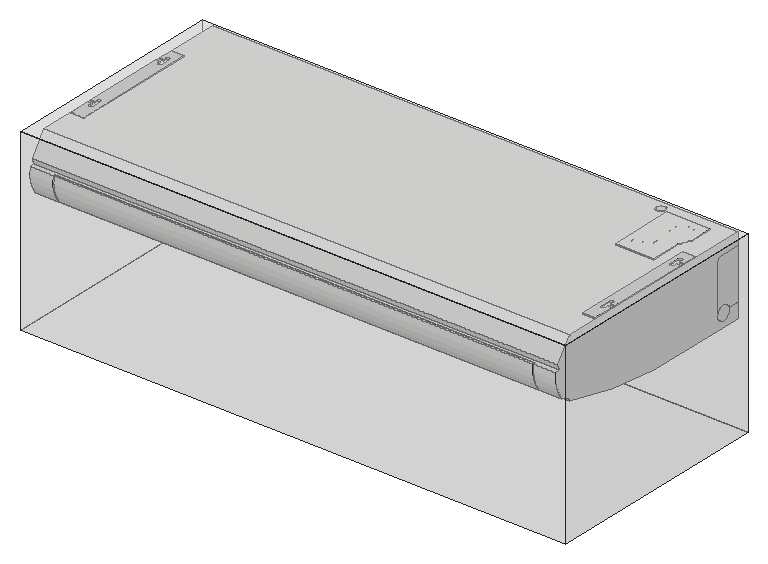
Revit family "outputfile", category 機械設備, Revit 2024
Family settings
  丸型コネクタ寸法 = 半径を使用
  パーツ タイプ = 標準
  OmniClass 番号 = 23.75.10.24.21.27.27
  OmniClass タイトル = Split System Air Conditioning Units
  作業面ベース = いいえ
  常に垂直 = はい
  ロード時にボイドで切り取り = いいえ
  注釈の向きを維持 = いいえ
  共有 = いいえ
  部屋計算ポイント = はい
Parameters (values of type "FHA48CV2S")
  Description = ""
  製造元 = "Daikin"
  書き出し IFC クラス(タイプ) = "IfcUnitaryEquipmentType"
  定義済み IFC タイプ(タイプ) = "AIRCONDITIONINGUNIT"
  Cost = 0
  モデル = "FHA48CV2S"
  Type Comments = ""
  Keynote = ""
  Type Image = (empty or 0)
  Assembly Code = ""
  switch_frequency = yes
  r_Liquid Pipe Size = Liquid Pipe Size / 2  # 4.75 mm
  r_Gas Pipe Size = Gas Pipe Size / 2  # 7.95 mm
  r_Drain Pipe Size = Drain Pipe Size / 2  # 12.5 mm
  l_powersupply [instance] = if(Rear Right Connection_powersupply, 29.0 mm, 175.0 mm)  # 29.0 mm
  h_mountinghole = 2.0 mm  # constant formula
  connector_voltage = Voltage_50Hz  # 220 V
  connector_powerinput = [Power Input (Cooling)]  # 0.000 kW
  connector_phase = Phase_50Hz  # 1
  angle_vertical_powersupply [instance] = if(Rear Right Connection_powersupply, 90.00°, 180.00°)  # 90.00°
  angle_vertical_drainpipe [instance] = if(or(Left Connection_drainpipe, Right Connection_drainpipe), 90.00°, if(Top Connection_drainpipe, 180.00°, -90.00°))  # -90.00°
  angle_horizontal_powersupply [instance] = if(Rear Right Connection_powersupply, 180.00°, 0.00°)  # 180.00°
  angle_horizontal_drainpipe [instance] = if(Right Connection_drainpipe, 90.00°, if(Left Connection_drainpipe, -90.00°, 0.00°))  # 0.00°
  Voltage_comment_50Hz = "220 - 240"
  Voltage_50Hz = 220 V
  URL = ""
  Top Connection_refrigerant [instance] = no
  Top Connection_powersupply [instance] = not(Rear Right Connection_powersupply)  # no
  Right Connection_refrigerant [instance] = no
  Rear Right Connection_refrigerant [instance] = yes
  Phase_50Hz = 1
  Minimum Circuit Amps_50Hz = 0.0 A
  Maximum Fuse Amps_50Hz = 0.0 A
  Material_Casing = DAIKIN_White_Casing_indoorunit
  lw_powersupply [instance] = if(Rear Right Connection_powersupply, 220.0 mm, 210.0 mm)  # 220.0 mm
  lw_mountinghole_pitch = Width - 40.0 mm  # 1550.0 mm
  lw_mountinghole = 20.0 mm  # constant formula
  lw_liquidpipe [instance] = if(Right Connection_refrigerant, 156.0 mm, if(Top Connection_refrigerant, 156.0 mm, 136.0 mm))  # 136.0 mm
  lw_gaspipe = 105.0 mm  # constant formula
  lw_drainpipe [instance] = if(Top Connection_drainpipe, 102.0 mm, if(Width = 960.0 mm, if(or(Left Connection_drainpipe, Rear Left Connection_drainpipe), 884.0 mm, 83.0 mm), if(Width = 1270.0 mm, if(or(Left Connection_drainpipe, Rear Left Connection_drainpipe), 1194.0 mm, 83.0 mm), if(Width = 1590.0 mm, if(or(Left Connection_drainpipe, Rear Left Connection_drainpipe), 1514.0 mm, 83.0 mm), 83.0 mm))))  # 83.0 mm
  lh_powersupply = 175.0 mm  # constant formula
  lh_liquidpipe [instance] = if(Rear Right Connection_refrigerant, 160.0 mm, 131.0 mm)  # 160.0 mm
  lh_gaspipe [instance] = if(Rear Right Connection_refrigerant, 150.0 mm, 91.0 mm)  # 150.0 mm
  lh_drainpipe = 197.0 mm  # constant formula
  l_antena = 1.0 mm  # constant formula
  ld_powersupply = 30.0 mm  # constant formula
  ld_mountinghole_pitch = 260.0 mm  # constant formula
  ld_mountinghole = 210.0 mm  # constant formula
  ld_liquidpipe [instance] = if(Right Connection_refrigerant, 57.0 mm, if(Top Connection_refrigerant, 189.0 mm, 221.0 mm))  # 221.0 mm
  ld_gaspipe [instance] = if(Right Connection_refrigerant, 57.0 mm, if(Top Connection_refrigerant, 163.0 mm, 214.0 mm))  # 214.0 mm
  ld_drainpipe [instance] = if(or(Left Connection_drainpipe, Right Connection_drainpipe), 57.0 mm, if(Top Connection_drainpipe, 87.0 mm, 268.0 mm))  # 268.0 mm
  l_liquidpipe_length [instance] = if(Right Connection_refrigerant, 156.0 mm, if(Top Connection_refrigerant, 131.0 mm, 220.0 mm))  # 220.0 mm
  l_gaspipe_length [instance] = if(Right Connection_refrigerant, 105.0 mm, if(Top Connection_refrigerant, 91.0 mm, 213.0 mm))  # 213.0 mm
  l_drainpipe_length [instance] = if(Right Connection_drainpipe, 83.0 mm, if(Top Connection_drainpipe, 197.0 mm, if(Left Connection_drainpipe, 76.0 mm, 267.0 mm)))  # 267.0 mm
  h*** = 0.0 mm  # constant formula
  angle_vertical [instance] = if(Right Connection_refrigerant, 90.00°, if(Top Connection_refrigerant, 180.00°, -90.00°))  # -90.00°
  angle_horizontal [instance] = if(Right Connection_refrigerant, 90.00°, 0.00°)  # 0.00°
  Width = 1590.0 mm
  Version = "ver.1.0"
  Unit Type = "Ceiling"
  Unit Mass Weight = 38.00 kg
  Unit Designation [instance] = ""
  Uniclass2015Version = "Products v1.30"
  Uniclass2015Title = "Split coil room air conditioning units"
  Uniclass2015Code = "Pr_70_65_03_86"
  Total Cooling Capacity [instance] = 0.000 kW
  Top Connection_drainpipe [instance] = no
  Sound Pressure Level_M speed (dBA) = 42
  Sound Pressure Level_L speed (dBA) = 38
  Sound Pressure Level_H speed (dBA) = 46
  Series = "SkyAir_Fan Coil Unit"
  Sensible Cooling Capacity [instance] = 0.000 kW
  Rear Right Connection_drainpipe [instance] = yes
  Rear Right Connection_powersupply [instance] = yes
  Right Connection_drainpipe [instance] = no
  Refrigerant Type = "R32"
  Power Input (Cooling) = 0.000 kW
  Option Accessory 3 [instance] = ""
  Option Accessory 2 [instance] = ""
  Option Accessory 1 [instance] = ""
  Nominal Cooling Capacity = 14.100 kW
  Minimum Airflow = 1440.00 m³/h
  Median Airflow = 1740.00 m³/h
  Maximum Airflow = 2040.00 m³/h
  Load Classification = HVAC
  Liquid Pipe Size = 9.5 mm
  Link_Nested Family [instance] = ""
  Rear Left Connection_drainpipe [instance] = no
  Left Connection_drainpipe [instance] = no
  IfcVersion = ""
  IfcExportType = "AIRCONDITIONINGUNIT"
  IfcExportAs = "IfcUnitaryEquipmentType"
  Height = 235.0 mm
  Heat Exchanger Type = "Cross Fin Coil"
  Gas Pipe Size = 15.9 mm
  Frequency_50Hz = 50 Hz
  Fan Type = "Sirocco Fan"
  Fan Drive = "Direct Drive"
  FCU Tag No. [instance] = ""
  Drain Pipe Size = 25.0 mm
  Design Supply Airflow [instance] = 0.00 m³/h
  Design Outdoor Airflow [instance] = 0.00 m³/h
  Depth = 690.0 mm
  既定の高さ = 0.0 mm
  Cooling Entering Wet Bulb Temperature [instance] = 0.00 °C
  Cooling Entering Dry Bulb Temperature [instance] = 0.00 °C
  Cooling Ambient Wet Bulb Temperature [instance] = 0.00 °C
  Cooling Ambient Dry Bulb Temperature [instance] = 0.00 °C
  Clearance visibility [instance] = yes
  Clearance Top = 5.0 mm
  Clearance Right = 30.0 mm
  Clearance Rear = 0.0 mm
  Clearance Left = 30.0 mm
  Clearance Front = 0.0 mm
  Clearance Bottom = 300.0 mm
Reference planes
  plane 1 "Back": y = 0
  plane 2: z = 0
  plane 3 "Center (Left/Right)": x = 0
  plane 4 "Center (Front/Back)": y = -1
  plane 5 "Front": y = -690
  plane 6 "Left": x = -795
  plane 7 "Right": x = 795
  plane 8 "Top": z = 0
  plane 9 "Bottom": z = -235
  plane 10: y = -690
  plane 11: x = -825
  plane 12: x = 825
  plane 13: z = 5
  plane 14: z = -535
  plane 15: y = 0
  plane 16 "lw_mountinghole": x = -775
  plane 17 "lw_mountinghole2": x = 775
  plane 18 "ld_mountinghole": y = -210
  plane 19 "ld_mountinghole2": y = -470
  plane 20 "lw_gaspipe": x = 690
  plane 21 "ld_gaspipe": y = -214
  plane 22 "lh_gaspipe": z = -150
  plane 23 "lw_liquidpipe": x = 659
  plane 24 "ld_liquidpipe": y = -221
  plane 25 "lh_liquidpipe": z = -160
  plane 26 "ld_drainpipe": y = -268
  plane 27 "lw_drainpipe": x = 712
  plane 28 "lh_drainpipe": z = -197
  plane 29 "lw_powersupply": x = 575
  plane 30 "lh_powersupply": z = -175
  plane 31 "ld_powersupply": y = -30
  plane 32: x = -725.5
  plane 33: x = 725.5
  plane 34: x = -750
  plane 35: x = 750
  plane 36: x = -2
  plane 37: x = 2
Forms (mm)
  Extrusion 1, solid, material "DAIKIN_White_Casing_indoorunit" <- "Material_Casing"
    sketch origin (0, 0, 0) x (0, 1, 0) y (0, 0, 1)
      loop
        line (-639.277, 0) -> (-680.876, -61.699) -> (-675.026, -77.772)
        arc (-675.026, -77.772) -> (-681.815, -78.743) -> (-688.601, -79.732) r 2634.132
        arc (-688.601, -79.732) -> (-687.018, -121.096) -> (-669.159, -158.439) r 102.2
        line (-669.159, -158.439) -> (-639.858, -169.325) -> (-635.895, -178.261)
        arc (-635.895, -178.261) -> (-479.121, -215.759) -> (-319.077, -235) r 1400.997
        line (-319.077, -235) -> (-1, -235) -> (-1, 0) -> (-639.277, 0)
    from -795 to 795
  Extrusion 2, solid, material "DAIKIN_White_Casing_indoorunit" <- "Material_Casing"
    sketch origin (0, 0, 0) x (0, 1, 0) y (0, 0, 1)
      loop
        arc (-688.601, -79.732) -> (-687.018, -121.096) -> (-669.159, -158.439) r 102.2
        line (-669.159, -158.439) -> (-665.589, -154.869)
        arc (-665.589, -154.869) -> (-682.432, -118.783) -> (-683.39, -78.971) r 97.2
        arc (-683.39, -78.971) -> (-685.996, -79.351) -> (-688.601, -79.732) r 2634.132
    from -725.5 to 725.5
  Extrusion 3, void
    sketch origin (0, 0, 0) x (0, 1, 0) y (0, 0, 1)
      loop
        line (-301.098, -235) -> (-21.098, -235) -> (-21.098, -230) -> (-301.098, -230) -> (-301.098, -235)
    from -750 to 750
  Extrusion 4, solid, material "DAIKIN_White_Grille_indoorunit"
    sketch origin (0, 0, 0) x (0, 1, 0) y (0, 0, 1)
      loop
        line (-20.098, -230) -> (-301.098, -230) -> (-301.098, -235) -> (-20.098, -235) -> (-20.098, -230)
    from -750 to -2
  Extrusion 5, solid, material "DAIKIN_White_Casing_indoorunit" <- "Material_Casing"
    sketch origin (0, 0, 0) x (1, 0, 0) y (0, 0, 1)
      loop
        line (602, -63) -> (602, -178) -> (673, -220) -> (736, -220) -> (736, -63) -> (602, -63)
    from 0 to 1
  Extrusion 6, solid, material "DAIKIN_White_Casing_indoorunit" <- "Material_Casing"
    sketch origin (0, 0, 0) x (-1, 0, 0) y (0, -1, 0)
      loop
        line (-607, 35) -> (-607, 230) -> (-723, 230) -> (-723, 135) -> (-738, 105) -> (-738, 35) -> (-607, 35)
    from 0 to 1.9
  Extrusion 7, void
    sketch origin (795, 0, 0) x (0, 1, 0) y (0, 0, 1)
      loop
        arc (-79.5, -195) -> (-55.446, -217.446) -> (-34.715, -191.9) r 22.5
        line (-34.715, -191.9) -> (-1, -191.9) -> (-1, -190.1) -> (-35.04, -190.1)
        arc (-35.04, -190.1) -> (-54.942, -172.594) -> (-77.7, -186.182) r 22.5
        line (-77.7, -186.182) -> (-77.7, -43)
        arc (-77.7, -43) -> (-76.528, -40.172) -> (-73.7, -39) r 4
        line (-73.7, -39) -> (-1, -39) -> (-1, -37.2) -> (-73.7, -37.2)
        arc (-73.7, -37.2) -> (-77.801, -38.899) -> (-79.5, -43) r 5.8
        line (-79.5, -43) -> (-79.5, -195)
      loop
        circle (-57, -195) r 20.7
    from 0 to -10
  Extrusion 8, void
    sketch origin (-1444.026, -1, 1200) x (1, 0, 0) y (0, 0, 1)
      loop
        arc (715.026, -1375) -> (704.42, -1379.393) -> (700.026, -1390) r 15
        line (700.026, -1390) -> (700.026, -1400)
        arc (700.026, -1400) -> (704.42, -1410.607) -> (715.026, -1415) r 15
        line (715.026, -1415) -> (745.026, -1415)
        arc (745.026, -1415) -> (755.633, -1410.607) -> (760.026, -1400) r 15
        line (760.026, -1400) -> (760.026, -1390)
        arc (760.026, -1390) -> (755.633, -1379.393) -> (745.026, -1375) r 15
        line (745.026, -1375) -> (715.026, -1375)
    from 0 to 10
  Extrusion 9, void
    sketch origin (-795, 0, 0) x (0, 1, 0) y (0, 0, 1)
      loop
        circle (-57, -197) r 22.5
    from 0 to 10
  Extrusion 10, void
    sketch origin (-1444.026, -1, 1200) x (1, 0, 0) y (0, 0, 1)
      loop
        circle (2136.026, -1375) r 44
    from 0 to 10
  Extrusion 11, void
    sketch origin (0, 0, 0) x (-1, 0, 0) y (0, -1, 0)
      loop
        circle (-693, 87) r 30
    from 0 to -10
  Extrusion 12, void
    sketch origin (0, 0, 0) x (-1, 0, 0) y (0, -1, 0)
      loop
        circle (-690, 163) r 18
    from 0 to -10
  Extrusion 13, void
    sketch origin (0, 0, 0) x (-1, 0, 0) y (0, -1, 0)
      loop
        circle (-639, 189) r 13
    from 0 to -10
  Extrusion 14, void
    sketch origin (-1444.026, -1, 1200) x (1, 0, 0) y (0, 0, 1)
      loop
        circle (2019.026, -1375) r 14.5
    from 0 to 10
  Extrusion 15, void
    sketch origin (0, 0, 0) x (-1, 0, 0) y (0, -1, 0)
      loop
        circle (-585, 30) r 14.5
    from 0 to -10
  Extrusion 16, void
    sketch origin (795, 0, 0) x (0, 1, 0) y (0, 0, 1)
      loop
        arc (-665.589, -154.869) -> (-682.432, -118.783) -> (-683.39, -78.971) r 97.2
        arc (-683.39, -78.971) -> (-685.996, -79.351) -> (-688.601, -79.732) r 2634.132
        arc (-688.601, -79.732) -> (-687.018, -121.096) -> (-669.159, -158.439) r 102.2
        line (-669.159, -158.439) -> (-665.589, -154.869)
    from -69.5 to -1520.5
  Extrusion 17, solid, material "DAIKIN_White_Casing_indoorunit" <- "Material_Casing"
    sketch origin (-795, 0, 0) x (0, 1, 0) y (0, 0, 1)
      loop
        circle (-57, -197) r 22.5
    from 0 to 10
  Extrusion 18, solid, material "DAIKIN_White_Grille_indoorunit"
    sketch origin (780, 0, 0) x (0, 1, 0) y (0, 0, 1)
      loop
        line (-20.098, -230) -> (-301.098, -230) -> (-301.098, -235) -> (-20.098, -235) -> (-20.098, -230)
    from -782 to -778
  Extrusion 19, solid, material "DAIKIN_White_Grille_indoorunit"
    sketch origin (0, 0, 0) x (0, 1, 0) y (0, 0, -1)
      loop
        line (-20.098, 230) -> (-20.098, 235) -> (-301.098, 235) -> (-301.098, 230) -> (-20.098, 230)
    from -750 to -2
Cuts and joins
  Extrusion 3, Extrusion 7, Extrusion 8, Extrusion 9, Extrusion 10, Extrusion 11, Extrusion 12, Extrusion 13, Extrusion 14, Extrusion 15, Extrusion 16 cuts Extrusion 1
Lines and regions (mm)
  reference lines
    curve 1: line (795, -580.282, -192.75) -> (795, -551.225, -200.21)
Dimensions and locks
  equal spacing: plane 6 "Left", plane 3 "Center (Left/Right)", plane 7 "Right"
  "Width": plane 6 "Left" to plane 7 "Right"
  "Depth": plane 5 "Front" to plane 1 "Back"
  "Height": plane 8 "Top" to plane 9 "Bottom"
  "Clearance Front": plane 10 to plane 5 "Front"
  "Clearance Left": plane 11 to plane 6 "Left"
  "Clearance Right": plane 7 "Right" to plane 12
  "Clearance Top": plane 13 to plane 8 "Top"
  "Clearance Bottom": plane 9 "Bottom" to plane 14
  "Clearance Rear": plane 1 "Back" to plane 15
  locked: plane 4 "Center (Front/Back)" to plane 1 "Back" at 1
  locked: Extrusion 1 sketch curve to Extrusion 1 sketch curve at 235
  locked: Extrusion 1 sketch curve to Extrusion 1 sketch curve at 318.077
  locked: Extrusion 1 sketch curve to Extrusion 1 sketch curve at 1163.297
  locked: Extrusion 1 sketch curve to Extrusion 1 sketch curve at 231.144
  Extrusion 3 sketch curve to Extrusion 3 sketch curve to plane 1 "Back" = 280.0 mm locked, 21.098 mm locked
  "ld_mountinghole": plane 18 "ld_mountinghole" to plane 1 "Back"
  "ld_mountinghole_pitch": plane 18 "ld_mountinghole" to plane 19 "ld_mountinghole2"
  "lw_mountinghole_pitch": plane 16 "lw_mountinghole" to plane 17 "lw_mountinghole2"
  "lw_mountinghole": plane 6 "Left" to plane 16 "lw_mountinghole"
  "lw_gaspipe": plane 20 "lw_gaspipe" to plane 7 "Right"
  "ld_gaspipe": plane 1 "Back" to plane 21 "ld_gaspipe"
  "lw_liquidpipe": plane 23 "lw_liquidpipe" to plane 7 "Right"
  "ld_liquidpipe": plane 1 "Back" to plane 24 "ld_liquidpipe"
  "lw_drainpipe": plane 27 "lw_drainpipe" to plane 7 "Right"
  "ld_drainpipe": plane 26 "ld_drainpipe" to plane 1 "Back"
  plane 8 "Top" to Extrusion 5 sketch curve to Extrusion 5 sketch curve = 63.0 mm locked, 157.0 mm locked
  plane 7 "Right" to Extrusion 5 sketch curve to Extrusion 5 sketch curve = 59.0 mm locked, 134.0 mm locked
  locked: Extrusion 5 sketch curve to Extrusion 5 sketch curve at 115
  locked: Extrusion 5 sketch curve to Extrusion 5 sketch curve at 63
  locked: Extrusion 6 sketch curve to Extrusion 6 sketch curve at 195
  locked: Extrusion 6 sketch curve to Extrusion 6 sketch curve at 116
  locked: Extrusion 6 sketch curve to Extrusion 6 sketch curve at 131
  locked: Extrusion 6 sketch curve to Extrusion 6 sketch curve at 100
  locked: Extrusion 6 sketch curve to plane 1 "Back" at 35
  locked: Extrusion 6 sketch curve to plane 7 "Right" at 57
  locked: Extrusion 8 sketch curve to Extrusion 8 sketch curve at 40
  locked: Extrusion 8 sketch curve to Extrusion 8 sketch curve at 60
  locked: plane 8 "Top" to Extrusion 8 sketch curve at 175
  locked: Extrusion 8 sketch curve to plane 6 "Left" at 51
  locked: plane 7 "Right" to Extrusion 10 sketch curve at 103
  locked: plane 8 "Top" to Extrusion 10 sketch curve at 175
  locked: Extrusion 11 sketch curve to plane 1 "Back" at 87
  locked: Extrusion 11 sketch curve to plane 7 "Right" at 102
  locked: Extrusion 12 sketch curve to plane 1 "Back" at 163
  locked: Extrusion 12 sketch curve to plane 7 "Right" at 105
  locked: Extrusion 13 sketch curve to plane 1 "Back" at 189
  locked: Extrusion 13 sketch curve to plane 7 "Right" at 156
  "lw_powersupply": plane 29 "lw_powersupply" to plane 7 "Right"
  "lh_gaspipe": plane 8 "Top" to plane 22 "lh_gaspipe"
  "lh_liquidpipe": plane 8 "Top" to plane 25 "lh_liquidpipe"
  "lh_powersupply": plane 8 "Top" to plane 30 "lh_powersupply"
  "lh_drainpipe": plane 8 "Top" to plane 28 "lh_drainpipe"
  "ld_powersupply": plane 1 "Back" to plane 31 "ld_powersupply"
  locked: plane 8 "Top" to Extrusion 7 sketch curve at 195
  locked: Extrusion 7 sketch curve to plane 1 "Back" at 57
  locked: plane 9 "Bottom" to Extrusion 7 sketch curve at 43.1
  locked: Extrusion 7 sketch curve to plane 8 "Top" at 39
  locked: Extrusion 7 sketch curve to plane 1 "Back" at 79.5
  locked: Extrusion 9 sketch curve to plane 1 "Back" at 57
  locked: plane 8 "Top" to Extrusion 9 sketch curve at 197
  locked: Extrusion 17 sketch curve to plane 1 "Back" at 57
  locked: plane 8 "Top" to Extrusion 17 sketch curve at 197
  locked: plane 7 "Right" to Extrusion 14 sketch curve at 220
  locked: plane 8 "Top" to Extrusion 14 sketch curve at 175
  locked: Extrusion 15 sketch curve to plane 7 "Right" at 210
  locked: Extrusion 15 sketch curve to plane 1 "Back" at 30
  locked: curve 1 to plane 9 "Bottom" at 34.79
  locked: curve 1 to plane 9 "Bottom" at 42.25
  locked: plane 6 "Left" to plane 32 at 69.5
  locked: plane 33 to plane 7 "Right" at 69.5
  locked: plane 35 to plane 7 "Right" at 45
  locked: plane 6 "Left" to plane 34 at 45
  plane 36 to plane 3 "Center (Left/Right)" to plane 37 = 2.0 mm locked, 2.0 mm locked
  locked: curve 1 to plane 9 "Bottom" (angle 14.40°)
  aligned and locked: level to plane 2
  aligned and locked: nested 1 to plane 11
  aligned and locked: nested 1 to plane 12
  aligned and locked: nested 1 to plane 10
  aligned and locked: plane 13 to nested 1
  aligned and locked: plane 14 to nested 1
  aligned and locked: plane 15 to nested 1
  aligned and locked: Extrusion 1 sketch curve to plane 8 "Top"
  aligned and locked: Extrusion 2 sketch curve to Extrusion 1  (x2)
  aligned and locked: plane 7 "Right" to Extrusion 1
  aligned and locked: Extrusion 1 to plane 6 "Left"
  aligned and locked: cut or joined group 1 (Extrusion 1, Extrusion 3, Extrusion 7, Extrusion 8, Extrusion 9, Extrusion 10, Extrusion 11, Extrusion 12, Extrusion 13, Extrusion 14, Extrusion 15, Extrusion 16) to Extrusion 3 sketch curve
  aligned and locked: cut or joined group 1 to Extrusion 4 sketch curve
  aligned and locked: Extrusion 5 to plane 4 "Center (Front/Back)"
  aligned and locked: Extrusion 7 sketch curve to plane 4 "Center (Front/Back)"
  aligned and locked: Extrusion 16 sketch curve to Extrusion 2  (x4)
  aligned and locked: Extrusion 16 to Extrusion 2  (x2)
  aligned and locked: nested 2 to plane 26 "ld_drainpipe"
  aligned and locked: plane 27 "lw_drainpipe" to nested 2
  aligned and locked: plane 20 "lw_gaspipe" to nested 3
  aligned and locked: nested 3 to plane 21 "ld_gaspipe"
  aligned and locked: plane 23 "lw_liquidpipe" to nested 4
  aligned and locked: nested 4 to plane 24 "ld_liquidpipe"
  aligned and locked: plane 25 "lh_liquidpipe" to nested 4
  aligned and locked: nested 5 to plane 31 "ld_powersupply"
  aligned and locked: plane 29 "lw_powersupply" to nested 5
  aligned and locked: nested 7 to plane 18 "ld_mountinghole"
  aligned and locked: plane 16 "lw_mountinghole" to nested 7
  aligned and locked: nested 6 to plane 19 "ld_mountinghole2"
  aligned and locked: plane 16 "lw_mountinghole" to nested 6
  aligned and locked: nested 9 to plane 18 "ld_mountinghole"
  aligned and locked: plane 17 "lw_mountinghole2" to nested 9
  aligned and locked: plane 17 "lw_mountinghole2" to nested 8
  aligned and locked: nested 8 to plane 19 "ld_mountinghole2"
  aligned and locked: nested 10 to curve 1
  aligned and locked: level to plane 8 "Top"
  aligned and locked: cut or joined group 1 to plane 32
  aligned and locked: plane 33 to cut or joined group 1
  aligned and locked: Extrusion 16 to plane 32
  aligned and locked: plane 33 to Extrusion 16
  aligned and locked: Extrusion 4 to plane 34
  aligned and locked: cut or joined group 1 to plane 34
  aligned and locked: plane 34 to Extrusion 4  (x3)
  aligned and locked: plane 16 "lw_mountinghole" to nested 11
  aligned and locked: plane 17 "lw_mountinghole2" to nested 12
  aligned and locked: plane 36 to Extrusion 4
  aligned and locked: Extrusion 18 to plane 36
  aligned and locked: plane 37 to Extrusion 18
  aligned and locked: Extrusion 19 to plane 37
  aligned and locked: plane 37 to Extrusion 19
  aligned and locked: plane 35 to Extrusion 19
  aligned and locked: plane 35 to Extrusion 3
  aligned and locked: Extrusion 4 to cut or joined group 1
  aligned and locked: cut or joined group 1 to Extrusion 18
  aligned and locked: cut or joined group 1 to Extrusion 19
Automatic sketch dimensions
  Extrusion 1 sketch curve to plane 4 "Center (Front/Back)" = 0.0 mm
  Extrusion 1 sketch curve to plane 5 "Front" = 102.2 mm
  Extrusion 1 sketch curve to plane 30 "lh_powersupply" = 3.261 mm
  Extrusion 1 sketch curve to plane 5 "Front" = 50.723 mm
  plane 30 "lh_powersupply" to Extrusion 1 sketch curve = 5.675 mm
  Extrusion 1 sketch curve to Extrusion 1 sketch curve = 3.963 mm
  plane 25 "lh_liquidpipe" to Extrusion 1 sketch curve = 1.561 mm
  Extrusion 1 sketch curve to plane 5 "Front" = 20.841 mm
  Extrusion 1 sketch curve to plane 5 "Front" = 14.974 mm
  Extrusion 1 sketch curve to plane 5 "Front" = 9.124 mm
  Extrusion 1 sketch curve to plane 26 "ld_drainpipe" = 37.278 mm
  Extrusion 1 sketch curve to plane 14 = 2150.825 mm
  plane 22 "lh_gaspipe" to Extrusion 1 sketch curve = 53.413 mm
  Extrusion 1 sketch curve to level = 77.772 mm
  Extrusion 1 sketch curve to Extrusion 1 sketch curve = 16.072 mm
  Extrusion 2 sketch curve to Extrusion 2 sketch curve = 0.0 mm  (x2)
  plane 25 "lh_liquidpipe" to Extrusion 2 sketch curve = 1.561 mm
  Extrusion 2 sketch curve to plane 22 "lh_gaspipe" = 4.869 mm
  Extrusion 2 sketch curve to Extrusion 2 sketch curve = 3.57 mm
  Extrusion 3 sketch curve to Extrusion 3 sketch curve = 5.0 mm
  plane 31 "ld_powersupply" to Extrusion 4 sketch curve = 9.902 mm
  Extrusion 4 sketch curve to Extrusion 4 sketch curve = 5.0 mm
  Extrusion 6 sketch curve to Extrusion 6 sketch curve = 30.0 mm
  Extrusion 7 sketch curve to Extrusion 7 sketch curve = 0.0 mm  (x6)
  Extrusion 7 sketch curve to plane 4 "Center (Front/Back)" = 0.0 mm  (x2)
  Extrusion 7 sketch curve to Extrusion 7 sketch curve = 1.8 mm  (x2)
  Extrusion 7 sketch curve to Extrusion 7 sketch curve = 4.0 mm
  Extrusion 7 sketch curve to Extrusion 7 sketch curve = 0.325 mm
  Extrusion 8 sketch curve to plane 32 = 3.5 mm  (x2)
  Extrusion 8 sketch curve to plane 28 "lh_drainpipe" = 3.0 mm
  Extrusion 8 sketch curve to Extrusion 8 sketch curve = 15.0 mm
  curve 1 to plane 5 "Front" = 109.718 mm
  Extrusion 18 sketch curve to plane 9 "Bottom" = 0.0 mm
  plane 9 "Bottom" to Extrusion 18 sketch curve = 5.0 mm
  Extrusion 18 sketch curve to plane 26 "ld_drainpipe" = 33.098 mm
  plane 31 "ld_powersupply" to Extrusion 18 sketch curve = 9.902 mm
  Extrusion 19 sketch curve to plane 9 "Bottom" = 0.0 mm
  plane 9 "Bottom" to Extrusion 19 sketch curve = 5.0 mm
  Extrusion 19 sketch curve to plane 26 "ld_drainpipe" = 33.098 mm
  plane 31 "ld_powersupply" to Extrusion 19 sketch curve = 9.902 mm
  Extrusion 4 sketch curve to plane 26 "ld_drainpipe" = 33.098 mm
  radius of Extrusion 7 sketch curve = 20.7 mm
  radius of Extrusion 9 sketch curve = 22.5 mm
  radius of Extrusion 10 sketch curve = 44.0 mm
  radius of Extrusion 11 sketch curve = 30.0 mm
  radius of Extrusion 12 sketch curve = 18.0 mm
  radius of Extrusion 13 sketch curve = 13.0 mm
  radius of Extrusion 14 sketch curve = 14.5 mm
  radius of Extrusion 15 sketch curve = 14.5 mm
  radius of Extrusion 17 sketch curve = 22.5 mm
Nested families
  nested 1: "daikin_clearancespace" at (0, -345, -264.881), visible <- "Clearance visibility", show <- "Clearance visibility", Link_Nested Family <- "Link_Nested Family", type "daikin_clearancespace"
    with width 1650.0 mm, show yes, height 540.0 mm, depth 690.0 mm, Link_Nested Family ""
  nested 2: "daikin_connector_rotate3" at (712, -268, -197), radius <- "r_Drain Pipe Size", angle_vertical <- "angle_vertical_drainpipe", angle_horizontal <- "angle_horizontal_drainpipe", length <- "l_drainpipe_length", type "daikin_connector_rotate3"
    with show no, radius 12.5 mm, length 267.0 mm, angle_vertical -90.00°, angle_horizontal 0.00°
  nested 3: "daikin_connector_rotate3" at (690, -214, -150), radius <- "r_Gas Pipe Size", angle_vertical <- "angle_vertical", angle_horizontal <- "angle_horizontal", length <- "l_gaspipe_length", type "daikin_connector_rotate3"
    with show no, radius 7.95 mm, length 213.0 mm, angle_vertical -90.00°, angle_horizontal 0.00°
  nested 4: "daikin_connector_rotate3" at (659, -221, -160), radius <- "r_Liquid Pipe Size", angle_vertical <- "angle_vertical", angle_horizontal <- "angle_horizontal", length <- "l_liquidpipe_length", type "daikin_connector_rotate3"
    with show no, radius 4.75 mm, length 220.0 mm, angle_vertical -90.00°, angle_horizontal 0.00°
  nested 5: "daikin_connector_rotate3" at (575, -30, -175), length <- "l_powersupply", angle_vertical <- "angle_vertical_powersupply", angle_horizontal <- "angle_horizontal_powersupply", type "daikin_connector_rotate3"
    with show no, radius 10.0 mm, length 29.0 mm, angle_vertical 90.00°, angle_horizontal 180.00°
  nested 6: "daikin_mountinghole" at (-775, -470, 0), l_antenna <- "l_antena", Link_Nested Family <- "Link_Nested Family", h_mountinghole <- "h_mountinghole", type "daikin_mountinghole"
    with show yes, l_antenna 1.0 mm, h_mountinghole 2.0 mm, Link_Nested Family ""
  nested 7: "daikin_mountinghole" at (-775, -210, 0), l_antenna <- "l_antena", Link_Nested Family <- "Link_Nested Family", h_mountinghole <- "h_mountinghole", type "daikin_mountinghole"
    with show yes, l_antenna 1.0 mm, h_mountinghole 2.0 mm, Link_Nested Family ""
  nested 8: "daikin_mountinghole" at (775, -470, 0), l_antenna <- "l_antena", Link_Nested Family <- "Link_Nested Family", h_mountinghole <- "h_mountinghole", type "daikin_mountinghole"
    with show yes, l_antenna 1.0 mm, h_mountinghole 2.0 mm, Link_Nested Family ""
  nested 9: "daikin_mountinghole" at (775, -210, 0), Link_Nested Family <- "Link_Nested Family", l_antenna <- "l_antena", h_mountinghole <- "h_mountinghole", type "daikin_mountinghole"
    with show yes, l_antenna 1.0 mm, h_mountinghole 2.0 mm, Link_Nested Family ""
  nested 10: "daikin_logo_plane_w40" at (647.963, -559.801, -198.008) x (1, 0, 0) z (0, -0.2487, -0.9686), type "daikin_logo_plane_w40"
    with show_logo yes
  nested 11: "daikin_hangerfixture_FHA-CV2S" at (-775, 0, 0), type "daikin_hangerfixture_FHA-CV2S"
    with width 38.0 mm, height 2.0 mm, depth 380.0 mm
  nested 12: "daikin_hangerfixture_FHA-CV2S" at (775, 0, 0) x (-1, 0, 0) z (0, 0, 1), type "daikin_hangerfixture_FHA-CV2S"
    with width 38.0 mm, height 2.0 mm, depth 380.0 mm
Connectors
  piping at (712, -1, -197), diameter 25, driven by "r_Drain Pipe Size"
    settings: on nested 2, index 1, connector inside diameter 609.6 mm, connector length 0.0 mm, flow factor 0, pipe flow 0.00 m³/h, pressure drop 0.0 Pa, fitting loss kfactor 0, connector angle 0.00°, fixture units 0, engagement length 0.0 mm, angle of deflection 0.00°, flow configuration 1, flow direction 2, fitting loss method 4, system type 16, joint type 0, gender type 0, connector reference index -1, connector utility 0, adjustable connector no, is connector primary yes, connector description "Condensate Drain Piping"
  piping at (690, -1, -150), diameter 15.9, driven by "r_Gas Pipe Size"
    settings: on nested 3, index 3, connector inside diameter 609.6 mm, connector length 0.0 mm, flow factor 0, pipe flow 0.00 m³/h, pressure drop 0.0 Pa, fitting loss kfactor 0, connector angle 0.00°, fixture units 0, engagement length 0.0 mm, angle of deflection 0.00°, flow configuration 1, flow direction 2, fitting loss method 0, system type 29, joint type 0, gender type 0, connector reference index -1, connector utility 0, adjustable connector no, is connector primary no, connector description "Refrigerant Gas Piping"
  piping at (659, -1, -160), diameter 9.5, driven by "r_Liquid Pipe Size"
    settings: on nested 4, index 4, connector inside diameter 609.6 mm, connector length 0.0 mm, flow factor 0, pipe flow 0.00 m³/h, pressure drop 0.0 Pa, fitting loss kfactor 0, connector angle 0.00°, fixture units 0, engagement length 0.0 mm, angle of deflection 0.00°, flow configuration 1, flow direction 1, fitting loss method 0, system type 29, joint type 0, gender type 0, connector reference index -1, connector utility 0, adjustable connector no, is connector primary no, connector description "Refrigerant Liquid Piping"
  electrical at (575, -1, -175), driven by "Load Classification", driven by "connector_powerinput", driven by "connector_phase", driven by "connector_voltage"
    settings: on nested 5, index 6, voltage 220 V, apparent load 0 VA, apparent load phase1 0 VA, apparent load phase2 0 VA, apparent load phase3 0 VA, power factor 1, load classification "HVAC", number of poles 1, system type 30, power factor state 1, is connector primary yes, connector utility no, sub classification motor no, connector description "Power Supply"
Definition of nested family "daikin_clearancespace"
  Parameters (values of type "daikin_clearancespace")
    Description = "daikin_clearancespace"
    width [instance] = 1823.963 mm
    show [instance] = yes
    material = none
    height [instance] = 1359.762 mm
    depth [instance] = 880.0 mm
    Default Elevation = 0.0 mm
    Link_Nested Family [instance] = ""
  Reference planes
    plane 1 "Center (Front/Back)": y = 0
    plane 2 "Center (Elevation)": z = -0.119
    plane 3 "Center (Left/Right)": x = 0
    plane 4: y = 440
    plane 5: y = -440
    plane 6 "Right": x = 911.982
    plane 7 "Left": x = -911.982
    plane 8 "Top": z = 679.762
    plane 9 "Bottom": z = -680
  Forms (mm)
    Extrusion 1, solid, material <- "material", visible <- "show"
      sketch origin (0, 0, 0) x (1, 0, 0) y (0, 1, 0)
        loop
          line (-911.982, 440) -> (-911.982, -440) -> (911.982, -440) -> (911.982, 440) -> (-911.982, 440)
      from -680 to 679.762
  Lines and regions (mm)
    symbolic lines, visible <- "show"
      curve 1: line (911.982, 440, 0) -> (-911.982, 440, 0)
      curve 2: line (-911.982, 440, 0) -> (-911.982, -440, 0)
      curve 3: line (-911.982, -440, 0) -> (911.982, -440, 0)
      curve 4: line (911.982, -440, 0) -> (911.982, 440, 0)
      curve 5: line (911.982, 0, 679.762) -> (-911.982, 0, 679.762)
      curve 6: line (911.982, 0, -680) -> (911.982, 0, 679.762)
      curve 7: line (-911.982, 0, -680) -> (911.982, 0, -680)
      curve 8: line (-911.982, 0, 679.762) -> (-911.982, 0, -680)
      curve 9: line (0, 440, 679.762) -> (0, -440, 679.762)
      curve 10: line (0, -440, 679.762) -> (0, -440, -680)
      curve 11: line (0, 440, -680) -> (0, 440, 679.762)
      curve 12: line (0, -440, -680) -> (0, 440, -680)
  Dimensions and locks
    "width": plane 7 "Left" to plane 6 "Right"
    "depth": plane 4 to plane 5
    "height": plane 8 "Top" to plane 9 "Bottom"
    equal spacing: plane 7 "Left", plane 3 "Center (Left/Right)", plane 6 "Right"
    equal spacing: plane 4, plane 1 "Center (Front/Back)", plane 5
    equal spacing: plane 8 "Top", plane 2 "Center (Elevation)", plane 9 "Bottom"
    aligned and locked: level to plane 2 "Center (Elevation)"
    aligned and locked: Extrusion 1 sketch curve to plane 4
    aligned and locked: plane 7 "Left" to Extrusion 1 sketch curve
    aligned and locked: Extrusion 1 sketch curve to plane 5
    aligned and locked: Extrusion 1 sketch curve to plane 6 "Right"
    aligned and locked: plane 8 "Top" to Extrusion 1
    aligned and locked: curve 1 to Extrusion 1
    aligned and locked: curve 2 to Extrusion 1
    aligned and locked: curve 3 to Extrusion 1
    aligned and locked: curve 4 to Extrusion 1
    aligned and locked: curve 5 to Extrusion 1
    aligned and locked: curve 6 to Extrusion 1
    aligned and locked: curve 7 to Extrusion 1
    aligned and locked: curve 8 to Extrusion 1
    aligned and locked: curve 9 to Extrusion 1
    aligned and locked: curve 10 to Extrusion 1
    aligned and locked: curve 11 to Extrusion 1
    aligned and locked: curve 12 to Extrusion 1
    aligned and locked: Extrusion 1 to plane 9 "Bottom"
Definition of nested family "daikin_logo_plane_w40"
  Parameters (values of type "daikin_logo_plane_w40")
    width = 40.0 mm
    show_logo [instance] = yes
    material = none
    height = 0.0 mm
    depth = 0.0 mm
    Default Elevation = 1219.2 mm
  Reference planes
    plane 1 "Center (Front/Back)": y = 0
    plane 2: z = 0
    plane 3 "Center (Left/Right)": x = 0
    plane 4: z = 2
    plane 5 "left": x = -19
    plane 6: x = 19
  Forms (mm)
    Extrusion 1, solid, visible <- "show_logo"
      sketch origin (-19, 0, 0) x (1, 0, 0) y (0, 1, 0)
        loop
          line (8.902, -1.878) -> (7.789, -6.332) -> (11.13, -6.332)
          arc (11.13, -6.332) -> (12.454, -6.064) -> (13.472, -5.176) r 2.642
          arc (13.472, -5.176) -> (13.92, -4.02) -> (13.767, -2.79) r 2.537
          arc (13.767, -2.79) -> (13.452, -2.342) -> (12.982, -2.06) r 1.321
          arc (12.982, -2.06) -> (12.063, -1.902) -> (11.13, -1.878) r 6.479
          line (11.13, -1.878) -> (8.902, -1.878)
        loop
          line (10.016, -5.441) -> (10.907, -5.441)
          arc (10.907, -5.441) -> (11.591, -4.983) -> (11.988, -4.261) r 1.742
          spline (11.988, -4.261) -> (12.01, -4.155) -> (12.027, -4.03) -> (12.037, -3.893) -> (12.037, -3.747) -> (12.026, -3.598) -> (12.002, -3.451) -> (11.962, -3.31) -> (11.905, -3.181) -> (11.829, -3.069) -> (11.731, -2.978) -> (11.61, -2.913) -> (11.464, -2.88)
          line (11.464, -2.88) -> (10.573, -2.88) -> (10.016, -5.441)
        loop
          line (13.58, -6.332) -> (14.805, -6.332) -> (15.223, -5.553) -> (16.977, -5.553) -> (17.144, -6.332) -> (19.149, -6.332) -> (18.258, -1.878) -> (16.03, -1.878) -> (13.58, -6.332)
        loop
          line (16.476, -3.214) -> (15.76, -4.551) -> (16.762, -4.551) -> (16.476, -3.214)
        loop
          line (19.705, -6.332) -> (21.599, -6.332) -> (22.712, -1.878) -> (20.819, -1.878) -> (19.705, -6.332)
        loop
          line (22.712, -6.332) -> (24.606, -6.332) -> (24.908, -5.122) -> (25.831, -6.332) -> (28.17, -6.332) -> (26.388, -3.994) -> (28.949, -1.878) -> (26.945, -1.878) -> (25.401, -3.153) -> (25.719, -1.878) -> (23.826, -1.878) -> (22.712, -6.332)
        loop
          line (29.84, -1.878) -> (28.615, -6.332) -> (30.62, -6.332) -> (31.734, -1.878) -> (29.84, -1.878)
        loop
          line (31.734, -6.332) -> (33.07, -6.332) -> (33.7, -3.814) -> (34.518, -6.332) -> (36.745, -6.332) -> (37.859, -1.878) -> (36.523, -1.878) -> (35.845, -4.589) -> (34.963, -1.878) -> (32.847, -1.878) -> (31.734, -6.332)
      from 0 to 2
    Extrusion 2, solid, visible <- "show_logo"
      sketch origin (-19, 0, 0) x (1, 0, 0) y (0, 1, 0)
        loop
          line (8.7, 0) -> (4.235, 0) -> (0, -3.879) -> (0, -8) -> (8.7, 0)
      from 0 to 2
    Extrusion 3, solid, visible <- "show_logo"
      sketch origin (-19, 0, 0) x (1, 0, 0) y (0, 1, 0)
        loop
          line (0, 0) -> (0, -3.879) -> (4.235, 0) -> (0, 0)
      from 0 to 2
  Dimensions and locks
    plane 4 to plane 2 = 2.0 mm
    equal spacing: plane 5 "left", plane 3 "Center (Left/Right)", plane 6
    locked: plane 5 "left" to plane 6 at 38
    aligned and locked: level to plane 2
    aligned and locked: Extrusion 3 to plane 1 "Center (Front/Back)"  (x2)
    aligned and locked: Extrusion 2 to plane 1 "Center (Front/Back)"  (x2)
    aligned and locked: plane 4 to Extrusion 1
    aligned and locked: plane 4 to Extrusion 3
    aligned and locked: plane 4 to Extrusion 2
    aligned and locked: Extrusion 3 to plane 5 "left"
    aligned and locked: Extrusion 2 to plane 5 "left"
  Automatic sketch dimensions
    Extrusion 1 sketch curve to Extrusion 1 sketch curve = 0.901 mm
    Extrusion 1 sketch curve to Extrusion 1 sketch curve = 1.559 mm
    Extrusion 1 sketch curve to Extrusion 1 sketch curve = 1.327 mm
    Extrusion 1 sketch curve to Extrusion 1 sketch curve = 2.145 mm
    Extrusion 1 sketch curve to Extrusion 1 sketch curve = 1.448 mm
    Extrusion 1 sketch curve to Extrusion 1 sketch curve = 2.116 mm
    Extrusion 1 sketch curve to Extrusion 1 sketch curve = 1.114 mm  (x4)
    Extrusion 1 sketch curve to Extrusion 1 sketch curve = 1.336 mm  (x2)
    plane 1 "Center (Front/Back)" to Extrusion 1 sketch curve = 1.878 mm  (x5)
    Extrusion 1 sketch curve to Extrusion 1 sketch curve = 1.893 mm  (x5)
    Extrusion 1 sketch curve to Extrusion 1 sketch curve = 0.891 mm  (x4)
    Extrusion 1 sketch curve to Extrusion 1 sketch curve = 2.005 mm  (x3)
    Extrusion 1 sketch curve to Extrusion 1 sketch curve = 0.445 mm  (x2)
    plane 1 "Center (Front/Back)" to Extrusion 1 sketch curve = 3.994 mm
    Extrusion 1 sketch curve to Extrusion 1 sketch curve = 0.557 mm  (x2)
    Extrusion 1 sketch curve to Extrusion 1 sketch curve = 2.339 mm  (x2)
    Extrusion 1 sketch curve to Extrusion 1 sketch curve = 1.225 mm  (x3)
    plane 1 "Center (Front/Back)" to Extrusion 1 sketch curve = 3.153 mm
    Extrusion 1 sketch curve to Extrusion 1 sketch curve = 0.987 mm
    plane 1 "Center (Front/Back)" to Extrusion 1 sketch curve = 5.122 mm
    Extrusion 1 sketch curve to Extrusion 1 sketch curve = 0.922 mm
    plane 1 "Center (Front/Back)" to Extrusion 1 sketch curve = 6.332 mm
    Extrusion 1 sketch curve to Extrusion 1 sketch curve = 2.562 mm
    plane 1 "Center (Front/Back)" to Extrusion 1 sketch curve = 5.553 mm
    Extrusion 1 sketch curve to Extrusion 1 sketch curve = 0.167 mm
    Extrusion 1 sketch curve to Extrusion 1 sketch curve = 0.215 mm
    plane 1 "Center (Front/Back)" to Extrusion 1 sketch curve = 3.214 mm
    Extrusion 1 sketch curve to Extrusion 1 sketch curve = 0.286 mm
    plane 1 "Center (Front/Back)" to Extrusion 1 sketch curve = 4.551 mm
    Extrusion 1 sketch curve to Extrusion 1 sketch curve = 1.002 mm
    Extrusion 1 sketch curve to Extrusion 1 sketch curve = 0.537 mm
    Extrusion 1 sketch curve to Extrusion 1 sketch curve = 0.418 mm
    Extrusion 1 sketch curve to Extrusion 1 sketch curve = 1.028 mm
    plane 1 "Center (Front/Back)" to Extrusion 1 sketch curve = 4.261 mm
    Extrusion 1 sketch curve to Extrusion 1 sketch curve = 0.563 mm
    plane 1 "Center (Front/Back)" to Extrusion 1 sketch curve = 2.88 mm
    Extrusion 1 sketch curve to Extrusion 1 sketch curve = 1.088 mm
    Extrusion 1 sketch curve to Extrusion 1 sketch curve = 2.152 mm
    Extrusion 1 sketch curve to Extrusion 1 sketch curve = 0.586 mm
    Extrusion 1 sketch curve to Extrusion 1 sketch curve = 0.118 mm
    Extrusion 1 sketch curve to Extrusion 1 sketch curve = 0.298 mm
    Extrusion 1 sketch curve to Extrusion 1 sketch curve = 0.334 mm
    Extrusion 1 sketch curve to Extrusion 1 sketch curve = 0.223 mm
    Extrusion 1 sketch curve to Extrusion 1 sketch curve = 0.266 mm
    Extrusion 1 sketch curve to Extrusion 1 sketch curve = 1.671 mm
    Extrusion 1 sketch curve to Extrusion 1 sketch curve = 2.227 mm
    Extrusion 1 sketch curve to Extrusion 1 sketch curve = 0.0 mm  (x7)
    Extrusion 1 sketch curve to Extrusion 1 sketch curve = 3.453 mm
    Extrusion 1 sketch curve to Extrusion 1 sketch curve = 2.017 mm
    Extrusion 1 sketch curve to Extrusion 1 sketch curve = 0.78 mm  (x2)
    Extrusion 1 sketch curve to Extrusion 1 sketch curve = 1.743 mm
    Extrusion 1 sketch curve to Extrusion 1 sketch curve = 0.775 mm
    Extrusion 1 sketch curve to Extrusion 1 sketch curve = 0.552 mm
    Extrusion 1 sketch curve to Extrusion 1 sketch curve = 0.014 mm
    Extrusion 1 sketch curve to Extrusion 1 sketch curve = 0.952 mm
    Extrusion 1 sketch curve to Extrusion 1 sketch curve = 1.215 mm
    Extrusion 1 sketch curve to Extrusion 1 sketch curve = 0.108 mm
    plane 1 "Center (Front/Back)" to Extrusion 2 sketch curve = 0.0 mm
    Extrusion 2 sketch curve to plane 3 "Center (Left/Right)" = 19.0 mm
    Extrusion 2 sketch curve to plane 3 "Center (Left/Right)" = 14.765 mm
    Extrusion 2 sketch curve to Extrusion 2 sketch curve = 4.465 mm
    plane 1 "Center (Front/Back)" to Extrusion 2 sketch curve = 3.879 mm
    Extrusion 2 sketch curve to Extrusion 2 sketch curve = 4.12 mm
    plane 1 "Center (Front/Back)" to Extrusion 3 sketch curve = 0.0 mm
    Extrusion 3 sketch curve to plane 3 "Center (Left/Right)" = 19.0 mm
    Extrusion 3 sketch curve to plane 3 "Center (Left/Right)" = 14.765 mm
    plane 1 "Center (Front/Back)" to Extrusion 3 sketch curve = 3.879 mm
    Extrusion 1 sketch curve to plane 3 "Center (Left/Right)" = 11.211 mm
    Extrusion 1 sketch curve to Extrusion 1 sketch curve = 1.782 mm
Definition of nested family "daikin_hangerfixture_FHA-CV2S"
  Parameters (values of type "daikin_hangerfixture_FHA-CV2S")
    width = 44.0 mm
    material = none
    height = 155.0 mm
    depth = 33.0 mm
    Default Elevation = 0.0 mm
  Reference planes
    plane 1 "Center (Front/Back)": y = 0
    plane 2: z = 0
    plane 3 "Center (Left/Right)": x = 0
    plane 4: z = -2.3
    plane 5: z = -155
    plane 6: z = -12
  Forms (mm)
    Extrusion 1, solid
      sketch origin (0, 0, 0) x (1, 0, 0) y (0, 1, 0)
        loop
          line (20, -159) -> (-18, -159) -> (-18, -204) -> (-6, -204) -> (-6, -196)
          arc (-6, -196) -> (0, -190) -> (6, -196) r 6
          line (6, -196) -> (6, -224)
          arc (6, -224) -> (0, -230) -> (-6, -224) r 6
          line (-6, -224) -> (-6, -216) -> (-18, -216) -> (-18, -464) -> (-6, -464) -> (-6, -456)
          arc (-6, -456) -> (0, -450) -> (6, -456) r 6
          line (6, -456) -> (6, -484)
          arc (6, -484) -> (0, -490) -> (-6, -484) r 6
          line (-6, -484) -> (-6, -476) -> (-18, -476) -> (-18, -539) -> (20, -539) -> (20, -159)
      from 0 to 2
  Dimensions and locks
    plane 2 to plane 4 = 2.3 mm
    "height": plane 2 to plane 5
    locked: plane 2 to plane 6 at 12
    aligned and locked: level to plane 2
  Automatic sketch dimensions
    plane 3 "Center (Left/Right)" to Extrusion 1 sketch curve = 20.0 mm
    plane 1 "Center (Front/Back)" to Extrusion 1 sketch curve = 159.0 mm
    Extrusion 1 sketch curve to plane 3 "Center (Left/Right)" = 18.0 mm
    Extrusion 1 sketch curve to Extrusion 1 sketch curve = 380.0 mm
    Extrusion 1 sketch curve to Extrusion 1 sketch curve = 63.0 mm
    Extrusion 1 sketch curve to plane 3 "Center (Left/Right)" = 0.0 mm  (x4)
    plane 3 "Center (Left/Right)" to Extrusion 1 sketch curve = 6.0 mm
    Extrusion 1 sketch curve to Extrusion 1 sketch curve = 8.0 mm  (x4)
    Extrusion 1 sketch curve to Extrusion 1 sketch curve = 20.0 mm  (x2)
    Extrusion 1 sketch curve to Extrusion 1 sketch curve = 0.0 mm  (x2)
    Extrusion 1 sketch curve to Extrusion 1 sketch curve = 57.0 mm
    Extrusion 1 sketch curve to plane 3 "Center (Left/Right)" = 6.0 mm
Definition of nested family "daikin_connector_rotate3"
  Parameters (values of type "daikin_connector_rotate3")
    show [instance] = yes
    radius [instance] = 10.0 mm
    length [instance] = 600.0 mm
    angle_horizontal [instance] = 60.00°
    angle_vertical [instance] = 90.00°
    Default Elevation = 1219.2 mm
  Reference planes
    plane 1 "Center (Front/Back)": y = 0
    plane 2: z = 0
    plane 3 "Center (Left/Right)": x = 0
  Dimensions and locks
    "angle_horizontal": angle plane 3 "Center (Left/Right)" to nested 1
    aligned and locked: level to plane 2
    aligned and locked: plane 1 "Center (Front/Back)" to nested 1  (x2)
    aligned and locked: plane 3 "Center (Left/Right)" to nested 1
  Nested families
    nested 1: "daikin_connector_rotate2" at (0, 0, 0) x (0.5, 0.866, 0) z (0, 0, 1), angle_vertical <- "angle_vertical", length <- "length", radius <- "radius", type "daikin_connector_rotate2"
      with radius 10.0 mm, length 600.0 mm, angle_vertical 90.00°
  Definition of nested family "daikin_connector_rotate2"
    Parameters (values of type "daikin_connector_rotate2")
      show_face = yes
      radius [instance] = 10.0 mm
      length [instance] = 600.0 mm
      d_surface = 10.0 mm
      angle_vertical [instance] = 90.00°
      Default Elevation = 0.0 mm
    Reference planes
      plane 1 "Center (Front/Back)": y = 0
      plane 2: z = 0
      plane 3 "Center (Left/Right)": x = 0
    Forms (mm)
      Extrusion 1, solid, visible <- "show_face"
        sketch origin (0, -600, 0) x (1, 0, 0) y (0, 0, 1)
          loop
            circle (0, 0) r 10
        from 0 to -10
    Lines and regions (mm)
      reference lines
        curve 1: line (0, 0, 0) -> (0, -600, 0)
      symbolic lines
        curve 2: circle (0, 0, 0) r 5 normal (0, 0, 1)
      model lines, visible <- "show_face"
        curve 3: line (0, 0, 0) -> (0, -600, 0)
    Dimensions and locks
      "length": curve 1 to curve 1
      "length": curve 3 to curve 3
      "d_surface": Extrusion 1 to Extrusion 1
      "radius": radius of Extrusion 1 sketch curve
      "angle_vertical": angle curve 1 to plane 1 "Center (Front/Back)"
      "angle_vertical": angle curve 3 to plane 1 "Center (Front/Back)"
      aligned and locked: level to plane 2
      aligned and locked: plane 1 "Center (Front/Back)" to curve 1
      aligned and locked: plane 2 to curve 1
      aligned and locked: plane 1 "Center (Front/Back)" to curve 2
      aligned and locked: plane 3 "Center (Left/Right)" to curve 2
      aligned and locked: plane 1 "Center (Front/Back)" to curve 3
      aligned and locked: plane 2 to curve 3
      aligned and locked: Extrusion 1 to Extrusion 1
    Automatic sketch dimensions
      Extrusion 1 sketch curve to level = 0.0 mm
      Extrusion 1 sketch curve to plane 3 "Center (Left/Right)" = 0.0 mm
      radius of curve 2 = 5.0 mm
Definition of nested family "daikin_mountinghole"
  Parameters (values of type "daikin_mountinghole")
    Default Elevation = 1219.2 mm
    Type Comments = "mountinghole"
    show [instance] = yes
    material = none
    l_centerline = 100.0 mm
    l_antenna [instance] = 100.0 mm
    h_mountinghole [instance] = 0.0 mm
    d_circle = 30.0 mm
    Link_Nested Family [instance] = ""
  Reference planes
    plane 1 "Center (Front/Back)": y = 0
    plane 2: z = 0
    plane 3 "Center (Left/Right)": x = 0
    plane 4: y = 50
    plane 5: x = -50
    plane 6: x = 50
    plane 7: y = -50
    plane 8 "h_mountinghole": z = 0
    plane 9: z = 100
  Lines and regions (mm)
    model lines, detail levels fine
      curve 1: circle (0, 0, 0) r 15 normal (0, 0, 1)
      curve 2: line (-50, 0, 0) -> (50, 0, 0)
      curve 3: line (0, 50, 0) -> (0, -50, 0)
    symbolic lines, detail levels fine
      curve 4: circle (0, 0, 0) r 15 normal (0, 0, 1)
      curve 5: line (-50, 0, 0) -> (50, 0, 0)
      curve 6: line (0, 50, 0) -> (0, -50, 0)
    model lines
      curve 7: line (0, 0, 100) -> (0, 0, 0)
  Dimensions and locks
    equal spacing: plane 4, plane 1 "Center (Front/Back)", plane 7
    "l_centerline": plane 4 to plane 7
    equal spacing: plane 5, plane 3 "Center (Left/Right)", plane 6
    "l_centerline": plane 5 to plane 6
    "l_antenna": plane 9 to plane 8 "h_mountinghole"
    "h_mountinghole": plane 8 "h_mountinghole" to plane 2
    "d_circle": diameter of curve 1
    "d_circle": diameter of curve 4
    aligned and locked: level to plane 2
    aligned and locked: plane 1 "Center (Front/Back)" to curve 1
    aligned and locked: plane 3 "Center (Left/Right)" to curve 1
    aligned and locked: plane 1 "Center (Front/Back)" to curve 2
    aligned and locked: curve 3 to plane 3 "Center (Left/Right)"
    aligned and locked: plane 6 to curve 2
    aligned and locked: plane 5 to curve 2
    aligned and locked: plane 4 to curve 3
    aligned and locked: plane 7 to curve 3
    aligned and locked: plane 1 "Center (Front/Back)" to curve 4
    aligned and locked: plane 3 "Center (Left/Right)" to curve 4
    aligned and locked: plane 6 to curve 5
    aligned and locked: plane 5 to curve 5
    aligned and locked: plane 1 "Center (Front/Back)" to curve 5
    aligned and locked: plane 4 to curve 6
    aligned and locked: plane 7 to curve 6
    aligned and locked: curve 6 to plane 3 "Center (Left/Right)"
    aligned and locked: curve 7 to plane 3 "Center (Left/Right)"
    aligned and locked: plane 9 to curve 7
    aligned and locked: plane 8 "h_mountinghole" to curve 7
